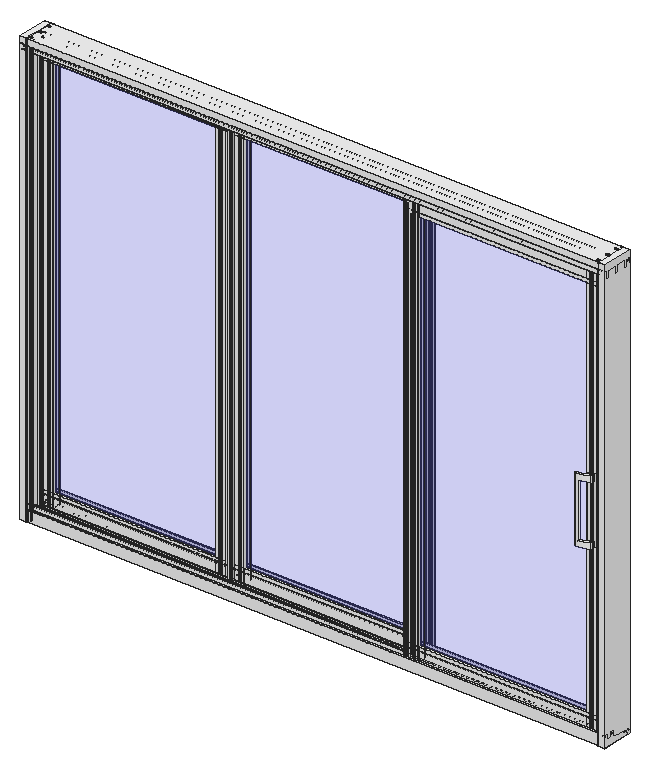
Revit family "Patio-Door_R-550-2-0_3-Light_XOO_5in_Novatech", category Doors, host Wall, Revit 2026
Family settings
  Host = Wall
  Classification Number = 23.30.10.00
  Always vertical = Yes
  Cut with Voids When Loaded = No
  Shared = No
  Room Calculation Point = No
Parameters (values of type "107 3/8"W X 79 1/2"H")
  Width Sash X = Width / 3  # 35.79167"
  Width Sash O = Width / 3  # 35.79167"
  Specification = "https://www.arcat.com/company/novatech-group-51586/spec"
  Product Page URL = "https://www.arcat.com/arcatcos/cos51/arc51586.html"
  Model_Sash to Reference Line = (Width - 2 37/128") / 3  # 35.02865"
  View Handle = yes
  URL = "https://www.groupenovatech.com/en_canada_ontario/products/patio‐doors/550.html"
  Thickness = 5.75039"
  Rough Width = Width + 1/2"  # 107 7/8"
  Rough Height = Height + 1/2"  # 80"
  Panel Material = Glass
  Model = "550"
  Manufacturer = "Novatech"
  Look Handle = yes
  Keynote = "08 32 00"
  Height Sash X = Height - 3 37/64"  # 75 59/64"
  Height Sash O = Height - 3 37/64"  # 75 59/64"
  Hardware Material = Aluminum
  Handle Height = 38"
  Function = Interior
  Height = 79 1/2"
  Wall Closure = By host
  Width = 107 3/8"
  Frame Material = Aluminum
  Define Thermal Properties by = Schematic Type
  Copyright = "ARCAT"
  CAD Details = "https://www.arcat.com/company/novatech-group-51586/cad"
  Analytic Construction = "<None>"
Reference planes (in)
  plane 1 "Center (Front/Back)": y = 0
  plane 2 "Center (Left/Right)": x = 0
  plane 3 "Left": x = -53.6875
  plane 4 "Right": x = 53.6875
  plane 5 "Top": z = 79.5
  plane 6 "Exterior": y = 3
  plane 7 "Interior": y = -3
  plane 8: x = -52.53986
  plane 9: z = 1.6351
  plane 10: z = 77.55697
  plane 11: x = 52.53986
  plane 12: z = 38
  plane 13: x = -17.51122
  plane 14: x = 17.51122
  plane 15 "Panel 1": y = -1.33612
  plane 16 "Panel 2": y = 0.87218
Text (in)
  text "Exterior" at (-104.41165, 27.31104, 0), in view "Ref. Level"
  text "Interior" at (-104.41165, -25.14366, 0), in view "Ref. Level"
  text "Exterior" at (0, 40.15149, 123.01588), in view "Right"
  text "Interior" at (0, -64.39139, 123.01588), in view "Right"
  text "Interior" at (0, -31.01599, 123.00693), in view "Left"
  text "Exterior" at (0, 54.57065, 123.00693), in view "Left"
Dimensions and locks (in)
  "Model_Sash to Reference Line": plane 8 to plane 13
  "Model_Sash to Reference Line": plane 14 to plane 11
  locked: plane 3 "Left" to plane 8 at 1.14764
  locked: plane 11 to plane 4 "Right" at 1.14764
  "Height": plane 5 "Top" to level
  "Handle Height": plane 12 to level
  "Width": plane 3 "Left" to plane 4 "Right"
  equal spacing: plane 3 "Left", plane 2 "Center (Left/Right)", plane 4 "Right"
  "Height Sash O": plane 10 to plane 9
  locked: plane 11 to nested 3 at 1.59505
  locked: plane 11 to nested 2 at 1.59505
  locked: plane 15 "Panel 1" to nested 2 at 0.76968
  locked: nested 3 to plane 15 "Panel 1" at 0.8878
  locked: plane 7 "Interior" to plane 15 "Panel 1" at 1.66388
  locked: plane 7 "Interior" to plane 16 "Panel 2" at 3.87218
  locked: plane 9 to level at 1.6351
  aligned and locked: plane 6 "Exterior" to host wall
  aligned and locked: plane 7 "Interior" to host wall
  aligned and locked: nested 6 to plane 16 "Panel 2"
  aligned and locked: nested 4 to plane 16 "Panel 2"
  aligned and locked: nested 5 to plane 15 "Panel 1"
  aligned and locked: nested 4 to plane 9
  aligned and locked: nested 4 to plane 10
  aligned and locked: nested 6 to plane 9
  aligned and locked: nested 6 to plane 10
  aligned and locked: plane 9 to nested 5
  aligned and locked: nested 5 to plane 10
  aligned and locked: nested 6 to plane 13
  aligned and locked: nested 4 to plane 13
  aligned and locked: plane 14 to nested 6
  aligned and locked: plane 14 to nested 5
  aligned and locked: plane 12 to nested 3
  aligned and locked: plane 12 to nested 2
  aligned and locked: nested 1 to plane 7 "Interior"
  aligned and locked: nested 1 to plane 3 "Left"
  aligned and locked: nested 1 to plane 4 "Right"
Nested families (in)
  nested 1: "NOVATECH_R-550 (2.0)_3 LIGHT_XOO_5in_DOOR FRAME" at (0, 0, 0) x (-1, 0, 0) z (0, 0, 1), type "DOOR FRAME"
    with Height 79 1/2", Width 107 3/8"
  nested 2: "NOVATECH_R-550 (2.0)_3 LIGHT_XOO_5in_LOOK HANDLE" at (50.94481, -2.22392, 32) x (-1, 0, 0) z (0, 0, 1), visible <- "Look Handle", type "LOOK HANDLE"
  nested 3: "NOVATECH_R-550 (2.0)_3 LIGHT_XOO_5in_VIEW HANDLE" at (50.94481, -2.22392, 32) x (-1, 0, 0) z (0, 0, 1), visible <- "View Handle", type "VIEW HANDLE"
  nested 4: "NOVATECH_R-550 (2.0)_3 LIGHT_XOO_5in_SASH_O_RIGHT" at (-35.02554, 1.64369, 1.6351) x (-1, 0, 0) z (0, 0, 1), type "SASH_O_RIGHT"
    with Width 35.02865", Height 75 59/64"
  nested 5: "NOVATECH_R-550 (2.0)_3 LIGHT_XOO_5in_SASH_X" at (35.02554, -0.56644, 1.6351) x (-1, 0, 0) z (0, 0, 1), type "SASH_X"
    with Width 35.02865", Height 75 59/64"
  nested 6: "NOVATECH_R-550 (2.0)_3 LIGHT_XOO_5in_SASH_O_MID" at (0.00311, 1.64188, 1.6351) x (-1, 0, 0) z (0, 0, 1), type "SASH_O_MID"
    with Width 35.02865", Height 75 59/64"
Definition of nested family "NOVATECH_R-550 (2.0)_3 LIGHT_XOO_5in_DOOR FRAME"
  Parameters (values of type "DOOR FRAME")
    Function = (empty or 0)
    Height = 81"
    Wall Closure = (empty or 0)
    Width = 141 7/8"
    Frame Thickness = 5.75039"
    Frame Material = none
    Define Thermal Properties by = 1
    Analytic Construction = "<None>"
  Reference planes (in)
    plane 1 "Center (Front/Back)": y = 0
    plane 2 "Center (Left/Right)": x = 0
    plane 3 "Left": x = -70.9375
    plane 4 "Right": x = 70.9375
    plane 5 "Top": z = 81
    plane 6 "Exterior": y = 4
    plane 7 "Interior": y = -4
    plane 8: y = -1.75039
  Lines and regions (in)
    Opening 1
      outline origin (-90, -4, 0) x (1, 0, 0) y (0, 0, 1)
        loop
          line (19.0625, 0) -> (160.9375, 0) -> (160.9375, 81) -> (19.0625, 81) -> (19.0625, 0)
  Text (in)
    text "Exterior" at (-74.96733, 27.31104, 0), in view "Ref. Level"
    text "Interior" at (-74.96733, -25.14366, 0), in view "Ref. Level"
    text "Exterior" at (0, 40.15149, 123.01588), in view "Right"
    text "Interior" at (0, -64.39139, 123.01588), in view "Right"
    text "Interior" at (0, -31.01599, 123.00693), in view "Left"
    text "Exterior" at (0, 54.57065, 123.00693), in view "Left"
  Dimensions and locks (in)
    equal spacing: plane 3 "Left", plane 2 "Center (Left/Right)", plane 4 "Right"
    "Height": level to plane 5 "Top"
    "Width": plane 3 "Left" to plane 4 "Right"
    "Frame Thickness": plane 6 "Exterior" to plane 8
    aligned and locked: plane 3 "Left" to Opening 1 sketch curve
    aligned and locked: plane 5 "Top" to Opening 1 sketch curve  (x2)
    aligned and locked: Opening 1 sketch curve to plane 4 "Right"
    aligned and locked: Opening 1 sketch curve to level
    aligned and locked: plane 6 "Exterior" to host wall
    aligned and locked: plane 7 "Interior" to host wall
    aligned and locked: nested 1 to plane 3 "Left"
    aligned and locked: plane 4 "Right" to nested 1
    aligned and locked: nested 2 to plane 3 "Left"
    aligned and locked: nested 2 to plane 4 "Right"
    aligned and locked: nested 3 to plane 6 "Exterior"
    aligned and locked: plane 3 "Left" to nested 3
    aligned and locked: nested 4 to plane 4 "Right"
    aligned and locked: nested 4 to plane 8
    aligned and locked: nested 1 to plane 6 "Exterior"
    aligned and locked: nested 1 to plane 5 "Top"
    aligned and locked: level to nested 2
    aligned and locked: plane 8 to nested 2
  Nested families (in)
    nested 1: "HEADER PROFILE" at (-70.9375, -1.56054, 81), type "HEADER PROFILE"
      with Length 141 7/8"
    nested 2: "NOVATECH_650_2 LIGHT_SILL PROFILE" at (70.9375, 3.91668, 0) x (-1, 0, 0) z (0, 0, 1), type "SILL PROFILE"
      with built-in parameter 1001306 11.823 (stored number, unit not read)
    nested 3: "NOVATECH 650_2 LIGHT_DOOR FRAME_LEFT" at (-70.9375, 4, 0) x (0, -1, 0) z (0, 0, 1), type "NOVATECH 650_2 LIGHT_DOOR FRAME_LEFT"
      with Length 81"
    nested 4: "NOVATECH 650_2 LIGHT_DOOR FRAME_RIGHT" at (70.9375, -1.75039, 0) x (0, 1, 0) z (0, 0, 1), type "NOVATECH 650_2 LIGHT_DOOR FRAME_RIGHT"
      with Length 81"
  Definition of nested family "HEADER PROFILE"
    Parameters (values of type "HEADER PROFILE")
      Length [instance] = 12"
      Frame Material = none
      Default Elevation = 0"
    Reference planes (in)
      plane 1 "Center (Front/Back)": y = -0.1877
      plane 2: z = 0
      plane 3 "Center (Left/Right)": x = 0
      plane 4: x = 12
    Forms (in)
      Extrusion 1, solid, material <- "Frame Material"
        sketch origin (0, 0, -4.50465) x (0, 1, 0) y (0, 0, 1)
          loop
            line (5.47841, 3.29129) -> (5.47841, 3.36675)
            arc (5.47841, 3.36675) -> (5.53175, 3.36007) -> (5.56054, 3.40548) r 0.0502
            line (5.56054, 3.40548) -> (5.56054, 4.50465) -> (-0.1877, 4.50465) -> (-0.1877, 2.55546)
            arc (-0.1877, 2.55546) -> (-0.1552, 2.52297) -> (-0.1227, 2.55547) r 0.0325
            line (-0.1227, 2.55547) -> (-0.12276, 3.29129) -> (0.25521, 3.29129) -> (0.25521, 2.84166)
            arc (0.25521, 2.84166) -> (0.26685, 2.81816) -> (0.29261, 2.8132) r 0.02953
            arc (0.29261, 2.8132) -> (0.31836, 2.81816) -> (0.33, 2.84166) r 0.02953
            line (0.33, 2.84166) -> (0.33, 3.29129) -> (0.69423, 3.29129) -> (0.69423, 2.19955)
            arc (0.69423, 2.19955) -> (0.7118, 2.15713) -> (0.75422, 2.13956) r 0.05999
            line (0.75422, 2.13956) -> (0.81522, 2.13956)
            arc (0.81522, 2.13956) -> (0.85764, 2.15713) -> (0.87521, 2.19955) r 0.05999
            line (0.87521, 2.19955) -> (0.87521, 2.25259)
            arc (0.87521, 2.25259) -> (0.84972, 2.26998) -> (0.82422, 2.25259) r 0.02739
            line (0.82422, 2.25259) -> (0.82422, 2.20455) -> (0.77268, 2.20455)
            arc (0.77268, 2.20455) -> (0.75528, 2.2213) -> (0.75922, 2.24512) r 0.02594
            arc (0.75922, 2.24512) -> (0.77544, 2.26759) -> (0.75922, 2.29005) r 0.02367
            line (0.75922, 2.29005) -> (0.75922, 2.33559)
            arc (0.75922, 2.33559) -> (0.77473, 2.35806) -> (0.75922, 2.38052) r 0.02403
            line (0.75922, 2.38052) -> (0.75922, 2.42611)
            arc (0.75922, 2.42611) -> (0.7747, 2.44857) -> (0.75922, 2.47104) r 0.02404
            arc (0.75922, 2.47104) -> (0.75299, 2.49662) -> (0.77468, 2.51157) r 0.02321
            line (0.77468, 2.51157) -> (0.82422, 2.51157) -> (0.82422, 2.46357)
            arc (0.82422, 2.46357) -> (0.84972, 2.44456) -> (0.87521, 2.46357) r 0.0266
            line (0.87521, 2.46357) -> (0.87521, 3.29129) -> (2.68703, 3.29129) -> (2.68703, 2.46238)
            arc (2.68703, 2.46238) -> (2.71103, 2.44596) -> (2.73803, 2.45675) r 0.03088
            line (2.73803, 2.45675) -> (2.73803, 2.49661)
            arc (2.73803, 2.49661) -> (2.76353, 2.51731) -> (2.78902, 2.49661) r 0.02605
            line (2.78902, 2.49661) -> (2.78902, 2.21955)
            arc (2.78902, 2.21955) -> (2.76353, 2.20165) -> (2.73803, 2.21955) r 0.02711
            line (2.73803, 2.21955) -> (2.73803, 2.25254)
            arc (2.73803, 2.25254) -> (2.71253, 2.26976) -> (2.68703, 2.25254) r 0.02749
            line (2.68703, 2.25254) -> (2.68703, 2.19955)
            arc (2.68703, 2.19955) -> (2.70461, 2.15713) -> (2.74703, 2.13956) r 0.05999
            line (2.74703, 2.13956) -> (2.98101, 2.13956)
            arc (2.98101, 2.13956) -> (3.02343, 2.15713) -> (3.041, 2.19955) r 0.05999
            line (3.041, 2.19955) -> (3.041, 2.25254)
            arc (3.041, 2.25254) -> (3.0155, 2.27015) -> (2.99, 2.25254) r 0.02726
            line (2.99, 2.25254) -> (2.99, 2.21955)
            arc (2.99, 2.21955) -> (2.96451, 2.20197) -> (2.93901, 2.21955) r 0.02728
            line (2.93901, 2.21955) -> (2.93901, 2.49661)
            arc (2.93901, 2.49661) -> (2.96451, 2.51514) -> (2.99, 2.49661) r 0.02681
            line (2.99, 2.49661) -> (2.99, 2.46362)
            arc (2.99, 2.46362) -> (3.0155, 2.44518) -> (3.041, 2.46362) r 0.02685
            line (3.041, 2.46362) -> (3.041, 3.29129) -> (4.85282, 3.29129) -> (4.85282, 2.60608) -> (4.85282, 2.46358)
            arc (4.85282, 2.46358) -> (4.87832, 2.44433) -> (4.90382, 2.46358) r 0.02651
            line (4.90382, 2.46358) -> (4.90382, 2.49665)
            arc (4.90382, 2.49665) -> (4.92931, 2.51514) -> (4.95481, 2.49665) r 0.02682
            line (4.95481, 2.49665) -> (4.95481, 2.21951)
            arc (4.95481, 2.21951) -> (4.92931, 2.20154) -> (4.90382, 2.21951) r 0.02707
            line (4.90382, 2.21951) -> (4.90382, 2.25258)
            arc (4.90382, 2.25258) -> (4.87832, 2.2698) -> (4.85282, 2.25258) r 0.02749
            line (4.85282, 2.25258) -> (4.85282, 2.1994)
            arc (4.85282, 2.1994) -> (4.87035, 2.15709) -> (4.91266, 2.13956) r 0.05984
            line (4.91266, 2.13956) -> (5.09278, 2.13956)
            arc (5.09278, 2.13956) -> (5.12107, 2.15127) -> (5.13278, 2.17956) r 0.04
            line (5.13278, 2.17956) -> (5.13279, 3.29129) -> (5.47841, 3.29129)
        from 0 to 12
    Dimensions and locks (in)
      "Length": plane 3 "Center (Left/Right)" to plane 4
      aligned and locked: plane 2 to level
      aligned and locked: Extrusion 1 to plane 4
      aligned and locked: Extrusion 1 to plane 3 "Center (Left/Right)"
    Automatic sketch dimensions
      Extrusion 1 sketch curve to level = 2.36509"  (x5)
      level to Extrusion 1 sketch curve = 0"
      Extrusion 1 sketch curve to Extrusion 1 sketch curve = 0.0325"  (x2)
      Extrusion 1 sketch curve to level = 1.21336"  (x2)
      Extrusion 1 sketch curve to Extrusion 1 sketch curve = 0.03244"
      Extrusion 1 sketch curve to level = 1.94918"
      Extrusion 1 sketch curve to Extrusion 1 sketch curve = 0.37797"
      Extrusion 1 sketch curve to level = 1.66299"  (x2)
      Extrusion 1 sketch curve to Extrusion 1 sketch curve = 0"  (x13)
      Extrusion 1 sketch curve to Extrusion 1 sketch curve = 0.02953"  (x2)
      Extrusion 1 sketch curve to Extrusion 1 sketch curve = 0.01574"
      Extrusion 1 sketch curve to Extrusion 1 sketch curve = 0.0748"
      Extrusion 1 sketch curve to Extrusion 1 sketch curve = 0.36423"
      Extrusion 1 sketch curve to Extrusion 1 sketch curve = 0.05643"
      Extrusion 1 sketch curve to Extrusion 1 sketch curve = 0.00004"
      Extrusion 1 sketch curve to Extrusion 1 sketch curve = 0.05754"
      Extrusion 1 sketch curve to Extrusion 1 sketch curve = 0.05999"
      Extrusion 1 sketch curve to Extrusion 1 sketch curve = 0.00745"
      Extrusion 1 sketch curve to Extrusion 1 sketch curve = 0.00852"
      Extrusion 1 sketch curve to Extrusion 1 sketch curve = 0.01845"
      Extrusion 1 sketch curve to Extrusion 1 sketch curve = 0.02402"
      Extrusion 1 sketch curve to Extrusion 1 sketch curve = 0.00722"
      Extrusion 1 sketch curve to Extrusion 1 sketch curve = 0.04254"
      Extrusion 1 sketch curve to Extrusion 1 sketch curve = 0.04954"
      Extrusion 1 sketch curve to Extrusion 1 sketch curve = 0.009"  (x3)
      Extrusion 1 sketch curve to Extrusion 1 sketch curve = 0.0255"  (x24)
      Extrusion 1 sketch curve to Extrusion 1 sketch curve = 1.81182"  (x2)
      Extrusion 1 sketch curve to level = 2.3051"
      Extrusion 1 sketch curve to Extrusion 1 sketch curve = 0.02738"
      Extrusion 1 sketch curve to Extrusion 1 sketch curve = 0.02361"
      Extrusion 1 sketch curve to level = 2.00804"
      Extrusion 1 sketch curve to level = 2.2851"
      Extrusion 1 sketch curve to Extrusion 1 sketch curve = 0.14999"
      Extrusion 1 sketch curve to Extrusion 1 sketch curve = 0.0165"
      Extrusion 1 sketch curve to Extrusion 1 sketch curve = 0.35397"
      Extrusion 1 sketch curve to level = 2.04107"
      Extrusion 1 sketch curve to level = 2.25207"
      Extrusion 1 sketch curve to Extrusion 1 sketch curve = 0.00885"  (x2)
      Extrusion 1 sketch curve to level = 2.008"
      Extrusion 1 sketch curve to level = 2 73/256"
      Extrusion 1 sketch curve to Extrusion 1 sketch curve = 0.13797"
      Extrusion 1 sketch curve to level = 2.32509"
      Extrusion 1 sketch curve to Extrusion 1 sketch curve = 0.04"
      Extrusion 1 sketch curve to Extrusion 1 sketch curve = 0.27997"
      Extrusion 1 sketch curve to Extrusion 1 sketch curve = 0.34562"
      Extrusion 1 sketch curve to Extrusion 1 sketch curve = 0.03193"
      Extrusion 1 sketch curve to Extrusion 1 sketch curve = 0.0502"
      Extrusion 1 sketch curve to Extrusion 1 sketch curve = 0.005"
      Extrusion 1 sketch curve to Extrusion 1 sketch curve = 0.02"
      Extrusion 1 sketch curve to Extrusion 1 sketch curve = 0.0091"
      Extrusion 1 sketch curve to Extrusion 1 sketch curve = 0.0092"
      Extrusion 1 sketch curve to Extrusion 1 sketch curve = 0.00969"
      Extrusion 1 sketch curve to Extrusion 1 sketch curve = 0.02491"
      Extrusion 1 sketch curve to Extrusion 1 sketch curve = 0.02272"
      Extrusion 1 sketch curve to Extrusion 1 sketch curve = 0.01026"
      Extrusion 1 sketch curve to Extrusion 1 sketch curve = 0.03804"
      Extrusion 1 sketch curve to Extrusion 1 sketch curve = 0.02334"
      Extrusion 1 sketch curve to Extrusion 1 sketch curve = 0.01027"
      Extrusion 1 sketch curve to Extrusion 1 sketch curve = 0.00965"
      Extrusion 1 sketch curve to Extrusion 1 sketch curve = 0.01"
      Extrusion 1 sketch curve to Extrusion 1 sketch curve = 0.03813"
      Extrusion 1 sketch curve to Extrusion 1 sketch curve = 0.02246"  (x3)
      Extrusion 1 sketch curve to Extrusion 1 sketch curve = 0.04554"
      Extrusion 1 sketch curve to Extrusion 1 sketch curve = 0.04558"
      Extrusion 1 sketch curve to Extrusion 1 sketch curve = 0.03986"
      Extrusion 1 sketch curve to Extrusion 1 sketch curve = 0.00563"
      Extrusion 1 sketch curve to Extrusion 1 sketch curve = 0.03746"
      Extrusion 1 sketch curve to Extrusion 1 sketch curve = 0.21108"
      Extrusion 1 sketch curve to Extrusion 1 sketch curve = 0.00726"
      Extrusion 1 sketch curve to Extrusion 1 sketch curve = 0.00759"
      Extrusion 1 sketch curve to Extrusion 1 sketch curve = 0.0084"
      Extrusion 1 sketch curve to Extrusion 1 sketch curve = 0.00833"
      Extrusion 1 sketch curve to Extrusion 1 sketch curve = 0.02471"
      Extrusion 1 sketch curve to Extrusion 1 sketch curve = 0.03978"
      Extrusion 1 sketch curve to Extrusion 1 sketch curve = 0.00535"
      Extrusion 1 sketch curve to Extrusion 1 sketch curve = 0.00828"
      Extrusion 1 sketch curve to Extrusion 1 sketch curve = 0.0404"
      Extrusion 1 sketch curve to Extrusion 1 sketch curve = 0.10943"
      Extrusion 1 sketch curve to Extrusion 1 sketch curve = 0.79468"
      Extrusion 1 sketch curve to Extrusion 1 sketch curve = 0.68521"
      Extrusion 1 sketch curve to Extrusion 1 sketch curve = 0.07546"
      Extrusion 1 sketch curve to plane 1 "Center (Front/Back)" = 0"
  Definition of nested family "NOVATECH_650_2 LIGHT_SILL PROFILE"
    Parameters (values of type "SILL PROFILE")
      built-in parameter 1001306 [instance] = 54"
      Frame Material = none
      Default Elevation = 0"
    Reference planes (in)
      plane 1 "Center (Front/Back)": y = 0
      plane 2: z = 0
      plane 3 "Left": x = 0
      plane 4 "Right": x = 54
    Forms (in)
      Extrusion 1, solid, material <- "Frame Material"
        sketch origin (0, 0, 0) x (0, 1, 0) y (0, 0, 1)
          loop
            line (-0.0315, 2.01964) -> (-0.3985, 2.01964)
            arc (-0.3985, 2.01964) -> (-0.42078, 2.01041) -> (-0.43, 1.98814) r 0.0315
            line (-0.43, 1.98814) -> (-0.43, 1.24798)
            arc (-0.43, 1.24798) -> (-0.43577, 1.23406) -> (-0.44969, 1.22829) r 0.01969
            line (-0.44969, 1.22829) -> (-0.53401, 1.22829) -> (-1.18851, 1.2049)
            arc (-1.18851, 1.2049) -> (-1.20288, 1.21041) -> (-1.2089, 1.22458) r 0.01969
            line (-1.2089, 1.22458) -> (-1.2089, 2.04394) -> (-1.28389, 2.04394) -> (-1.28389, 1.93761) -> (-1.45231, 1.93761)
            arc (-1.45231, 1.93761) -> (-1.47319, 1.92896) -> (-1.48184, 1.90808) r 0.02953
            line (-1.48184, 1.90808) -> (-1.48184, 1.8555) -> (-1.42464, 1.88924) -> (-1.42464, 1.76041)
            arc (-1.42464, 1.76041) -> (-1.4304, 1.74649) -> (-1.44432, 1.74072) r 0.01969
            line (-1.44432, 1.74072) -> (-1.52383, 1.74072) -> (-1.60334, 1.74072)
            arc (-1.60334, 1.74072) -> (-1.61726, 1.74649) -> (-1.62303, 1.76041) r 0.01969
            line (-1.62303, 1.76041) -> (-1.62303, 1.88924) -> (-1.56583, 1.8555) -> (-1.56583, 1.90808)
            arc (-1.56583, 1.90808) -> (-1.57447, 1.92896) -> (-1.59535, 1.93761) r 0.02953
            line (-1.59535, 1.93761) -> (-1.76377, 1.93761) -> (-1.76377, 2.04394) -> (-1.83876, 2.04394) -> (-1.83876, 1.48427)
            arc (-1.83876, 1.48427) -> (-1.83136, 1.46889) -> (-1.81472, 1.46507) r 0.01969
            line (-1.81472, 1.46507) -> (-1.74444, 1.48102)
            arc (-1.74444, 1.48102) -> (-1.7278, 1.47721) -> (-1.7204, 1.46183) r 0.01969
            line (-1.7204, 1.46183) -> (-1.7204, 1.18628) -> (-3.3976, 0.93481) -> (-3.3976, 0.87524)
            arc (-3.3976, 0.87524) -> (-3.39094, 0.86049) -> (-3.37547, 0.85571) r 0.01969
            line (-3.37547, 0.85571) -> (-3.34098, 0.86002)
            arc (-3.34098, 0.86002) -> (-3.32551, 0.85524) -> (-3.31886, 0.84049) r 0.01969
            line (-3.31886, 0.84049) -> (-3.31886, 0.77725)
            arc (-3.31886, 0.77725) -> (-3.32462, 0.76333) -> (-3.33854, 0.75756) r 0.01969
            line (-3.33854, 0.75756) -> (-3.49884, 0.75756)
            arc (-3.49884, 0.75756) -> (-3.51276, 0.76333) -> (-3.51852, 0.77726) r 0.01969
            line (-3.51852, 0.77726) -> (-3.51848, 0.89401)
            arc (-3.51848, 0.89401) -> (-3.52532, 0.90893) -> (-3.54109, 0.91348) r 0.01969
            line (-3.54109, 0.91348) -> (-4.14981, 0.82194)
            arc (-4.14981, 0.82194) -> (-4.16864, 0.81101) -> (-4.17588, 0.79048) r 0.03151
            arc (-4.17588, 0.79048) -> (-4.1692, 0.77568) -> (-4.15368, 0.77092) r 0.01971
            line (-4.15368, 0.77092) -> (-4.1193, 0.77531)
            arc (-4.1193, 0.77531) -> (-4.1038, 0.77056) -> (-4.09713, 0.75579) r 0.01969
            line (-4.09713, 0.75579) -> (-4.09713, 0.64717) -> (-4.51942, 0.64717) -> (-5.09032, 0.54995) -> (-5.09032, 0.37078)
            arc (-5.09032, 0.37078) -> (-5.09609, 0.35686) -> (-5.11001, 0.3511) r 0.01969
            line (-5.11001, 0.3511) -> (-5.21777, 0.3511) -> (-5.21777, 0.43301)
            arc (-5.21777, 0.43301) -> (-5.21008, 0.44862) -> (-5.19268, 0.45336) r 0.01969
            arc (-5.19268, 0.45336) -> (-5.17199, 0.46041) -> (-5.17057, 0.48222) r 0.01969
            line (-5.17057, 0.48222) -> (-5.19892, 0.53133) -> (-5.25984, 0.52091)
            arc (-5.25984, 0.52091) -> (-5.2833, 0.50749) -> (-5.29257, 0.4821) r 0.03937
            line (-5.29257, 0.4821) -> (-5.29257, 0.01969)
            arc (-5.29257, 0.01969) -> (-5.28681, 0.00577) -> (-5.27289, 0) r 0.01969
            line (-5.27289, 0) -> (0, 0) -> (0, 1.98814)
            arc (0, 1.98814) -> (-0.00922, 2.01041) -> (-0.0315, 2.01964) r 0.0315
          loop
            line (-1.3034, 1.97702) -> (-1.3034, 2.04394) -> (-1.42934, 2.04394) -> (-1.42934, 2.1046)
            arc (-1.42934, 2.1046) -> (-1.52383, 2.19912) -> (-1.61835, 2.10464) r 0.09451
            line (-1.61835, 2.10464) -> (-1.61837, 2.04394) -> (-1.7443, 2.04394) -> (-1.7443, 1.97702) -> (-1.5573, 1.97702) -> (-1.5573, 1.83834) -> (-1.58831, 1.83834) -> (-1.55095, 1.77508)
            arc (-1.55095, 1.77508) -> (-1.52382, 1.7596) -> (-1.4967, 1.7751) r 0.0315
            line (-1.4967, 1.7751) -> (-1.4594, 1.83834) -> (-1.49041, 1.83834) -> (-1.49041, 1.97702) -> (-1.3034, 1.97702)
          loop
            line (-5.30039, 0.01181) -> (-5.30039, 0.09008)
            arc (-5.30039, 0.09008) -> (-5.32598, 0.11568) -> (-5.35158, 0.09008) r 0.0256
            arc (-5.35158, 0.09008) -> (-5.3603, 0.07333) -> (-5.37902, 0.07086) r 0.02045
            line (-5.37902, 0.07086) -> (-5.45185, 0.07086) -> (-5.55813, 0.13258)
            arc (-5.55813, 0.13258) -> (-5.58236, 0.1411) -> (-5.60802, 0.14017) r 0.0689
            line (-5.60802, 0.14017) -> (-5.60802, 0.25595)
            arc (-5.60802, 0.25595) -> (-5.49766, 0.29546) -> (-5.42416, 0.38678) r 0.21608
            line (-5.42416, 0.38678) -> (-5.41236, 0.50797) -> (-5.18692, 0.54595)
            arc (-5.18692, 0.54595) -> (-5.16761, 0.53745) -> (-5.16159, 0.51723) r 0.02512
            line (-5.16159, 0.51723) -> (-5.16159, 0.43951) -> (-5.20605, 0.42845) -> (-5.16128, 0.37879)
            arc (-5.16128, 0.37879) -> (-5.12616, 0.37038) -> (-5.10571, 0.40014) r 0.03189
            line (-5.10571, 0.40014) -> (-5.10571, 0.55578) -> (-4.12322, 0.72113)
            arc (-4.12322, 0.72113) -> (-4.11499, 0.74127) -> (-4.1219, 0.76189) r 0.03124
            line (-4.1219, 0.76189) -> (-4.55051, 0.68941)
            arc (-4.55051, 0.68941) -> (-4.57053, 0.69771) -> (-4.57883, 0.71774) r 0.02832
            line (-4.57883, 0.71774) -> (-4.57883, 0.77014)
            arc (-4.57883, 0.77014) -> (-4.57077, 0.78959) -> (-4.55131, 0.79765) r 0.02752
            arc (-4.55131, 0.79765) -> (-4.53356, 0.82503) -> (-4.55312, 0.85114) r 0.02851
            line (-4.55312, 0.85114) -> (-4.61247, 0.85114)
            arc (-4.61247, 0.85114) -> (-4.62636, 0.84539) -> (-4.63211, 0.8315) r 0.01964
            line (-4.63211, 0.8315) -> (-4.63211, 0.68772) -> (-5.15723, 0.59916) -> (-5.15723, 0.84113)
            arc (-5.15723, 0.84113) -> (-5.18676, 0.87066) -> (-5.21629, 0.84113) r 0.02953
            line (-5.21629, 0.84113) -> (-5.21629, 0.5892) -> (-5.66655, 0.51327) -> (-5.66667, 0.46347)
            arc (-5.66667, 0.46347) -> (-5.62472, 0.40897) -> (-5.56143, 0.4359) r 0.05619
            arc (-5.56143, 0.4359) -> (-5.50277, 0.45232) -> (-5.48662, 0.39358) r 0.04298
            arc (-5.48662, 0.39358) -> (-5.55375, 0.33056) -> (-5.64467, 0.316) r 0.15703
            arc (-5.64467, 0.316) -> (-5.66029, 0.31137) -> (-5.66707, 0.29655) r 0.01969
            line (-5.66707, 0.29655) -> (-5.66707, 0.05364) -> (-5.60263, 0.03477) -> (-5.60263, 0.09012) -> (-5.53227, 0.04927) -> (-5.53227, 0.01181) -> (-5.30039, 0.01181)
        from 0 to 54
    Lines and regions (in)
      reference lines
        curve 1: line (0, 0, 0) -> (54, 0, 0)
    Dimensions and locks (in)
      "built-in parameter 1001306": plane 3 "Left" to plane 4 "Right"
      aligned and locked: plane 4 "Right" to curve 1
      aligned and locked: plane 1 "Center (Front/Back)" to curve 1
      aligned and locked: plane 3 "Left" to curve 1
      aligned and locked: level to plane 2
      aligned and locked: Extrusion 1 to curve 1
      aligned and locked: Extrusion 1 to plane 3 "Left"
    Automatic sketch dimensions
      Extrusion 1 sketch curve to Extrusion 1 sketch curve = 0"  (x15)
      level to Extrusion 1 sketch curve = 0.05364"
      plane 1 "Center (Front/Back)" to Extrusion 1 sketch curve = 5.66707"
      level to Extrusion 1 sketch curve = 0.46347"
      Extrusion 1 sketch curve to Extrusion 1 sketch curve = 0.00041"
      level to Extrusion 1 sketch curve = 0.51327"
      Extrusion 1 sketch curve to Extrusion 1 sketch curve = 0.00012"
      Extrusion 1 sketch curve to Extrusion 1 sketch curve = 0.01968"
      Extrusion 1 sketch curve to Extrusion 1 sketch curve = 0.04373"
      Extrusion 1 sketch curve to Extrusion 1 sketch curve = 0.01246"
      Extrusion 1 sketch curve to Extrusion 1 sketch curve = 0.05906"
      Extrusion 1 sketch curve to Extrusion 1 sketch curve = 0.00539"
      Extrusion 1 sketch curve to Extrusion 1 sketch curve = 0.0099"
      level to Extrusion 1 sketch curve = 0.13258"
      Extrusion 1 sketch curve to Extrusion 1 sketch curve = 0.04989"
      level to Extrusion 1 sketch curve = 0.04927"
      Extrusion 1 sketch curve to Extrusion 1 sketch curve = 0.06046"
      Extrusion 1 sketch curve to Extrusion 1 sketch curve = 0.08655"
      level to Extrusion 1 sketch curve = 0.07086"
      Extrusion 1 sketch curve to Extrusion 1 sketch curve = 0.08042"
      level to Extrusion 1 sketch curve = 0.38678"
      Extrusion 1 sketch curve to Extrusion 1 sketch curve = 0.09976"
      level to Extrusion 1 sketch curve = 0.50797"
      Extrusion 1 sketch curve to Extrusion 1 sketch curve = 0.0118"
      Extrusion 1 sketch curve to Extrusion 1 sketch curve = 0.07282"
      Extrusion 1 sketch curve to Extrusion 1 sketch curve = 0.00699"
      Extrusion 1 sketch curve to Extrusion 1 sketch curve = 0.04604"
      Extrusion 1 sketch curve to Extrusion 1 sketch curve = 0.0256"
      Extrusion 1 sketch curve to Extrusion 1 sketch curve = 1/128"
      Extrusion 1 sketch curve to Extrusion 1 sketch curve = 0.01969"  (x12)
      level to Extrusion 1 sketch curve = 0.52091"
      Extrusion 1 sketch curve to Extrusion 1 sketch curve = 0.03273"
      Extrusion 1 sketch curve to Extrusion 1 sketch curve = 0.00664"
      Extrusion 1 sketch curve to Extrusion 1 sketch curve = 0.03544"
      Extrusion 1 sketch curve to Extrusion 1 sketch curve = 0.04355"
      level to Extrusion 1 sketch curve = 0.42845"
      Extrusion 1 sketch curve to Extrusion 1 sketch curve = 0.04715"
      level to Extrusion 1 sketch curve = 0.53133"
      Extrusion 1 sketch curve to Extrusion 1 sketch curve = 0.01737"
      Extrusion 1 sketch curve to Extrusion 1 sketch curve = 0.00797"
      Extrusion 1 sketch curve to Extrusion 1 sketch curve = 0.01047"
      level to Extrusion 1 sketch curve = 0.54595"
      Extrusion 1 sketch curve to Extrusion 1 sketch curve = 0.01199"
      Extrusion 1 sketch curve to Extrusion 1 sketch curve = 0.02953"  (x2)
      Extrusion 1 sketch curve to Extrusion 1 sketch curve = 0.01247"
      level to Extrusion 1 sketch curve = 0.48222"
      Extrusion 1 sketch curve to Extrusion 1 sketch curve = 0.01705"
      Extrusion 1 sketch curve to Extrusion 1 sketch curve = 0.03649"
      level to Extrusion 1 sketch curve = 0.37879"
      Extrusion 1 sketch curve to Extrusion 1 sketch curve = 0.00031"
      Extrusion 1 sketch curve to Extrusion 1 sketch curve = 0.02369"
      Extrusion 1 sketch curve to Extrusion 1 sketch curve = 0.02759"
      level to Extrusion 1 sketch curve = 0.55578"
      Extrusion 1 sketch curve to Extrusion 1 sketch curve = 0.05152"
      Extrusion 1 sketch curve to Extrusion 1 sketch curve = 0.01539"
      Extrusion 1 sketch curve to Extrusion 1 sketch curve = 0.52512"
      Extrusion 1 sketch curve to Extrusion 1 sketch curve = 0.01964"  (x2)
      Extrusion 1 sketch curve to Extrusion 1 sketch curve = 0.03364"
      Extrusion 1 sketch curve to Extrusion 1 sketch curve = 0.05041"
      Extrusion 1 sketch curve to Extrusion 1 sketch curve = 0.00894"
      Extrusion 1 sketch curve to Extrusion 1 sketch curve = 0.02752"
      level to Extrusion 1 sketch curve = 0.68941"
      Extrusion 1 sketch curve to Extrusion 1 sketch curve = 0.02832"
      Extrusion 1 sketch curve to Extrusion 1 sketch curve = 0.03108"
      Extrusion 1 sketch curve to Extrusion 1 sketch curve = 0.36325"
      level to Extrusion 1 sketch curve = 0.77092"
      Extrusion 1 sketch curve to Extrusion 1 sketch curve = 0.0025"
      Extrusion 1 sketch curve to Extrusion 1 sketch curve = 0.00746"
      Extrusion 1 sketch curve to Extrusion 1 sketch curve = 0.01179"
      level to Extrusion 1 sketch curve = 0.72113"
      Extrusion 1 sketch curve to Extrusion 1 sketch curve = 0.023"
      level to Extrusion 1 sketch curve = 0.76189"
      Extrusion 1 sketch curve to Extrusion 1 sketch curve = 0.02432"
      level to Extrusion 1 sketch curve = 0.77531"
      Extrusion 1 sketch curve to Extrusion 1 sketch curve = 0.0026"
      Extrusion 1 sketch curve to Extrusion 1 sketch curve = 0.00509"
      Extrusion 1 sketch curve to Extrusion 1 sketch curve = 0.55604"
      Extrusion 1 sketch curve to Extrusion 1 sketch curve = 0.00292"
      level to Extrusion 1 sketch curve = 0.89401"
      Extrusion 1 sketch curve to Extrusion 1 sketch curve = 0.12088"
      Extrusion 1 sketch curve to Extrusion 1 sketch curve = 0.00244"  (x3)
      Extrusion 1 sketch curve to Extrusion 1 sketch curve = 0.03449"
      Extrusion 1 sketch curve to Extrusion 1 sketch curve = 1.4801"
      Extrusion 1 sketch curve to Extrusion 1 sketch curve = 0.00436"  (x2)
      Extrusion 1 sketch curve to Extrusion 1 sketch curve = 0.07499"  (x2)
      Extrusion 1 sketch curve to Extrusion 1 sketch curve = 0.07028"
      Extrusion 1 sketch curve to Extrusion 1 sketch curve = 0.01946"
      Extrusion 1 sketch curve to Extrusion 1 sketch curve = 0.14074"
      Extrusion 1 sketch curve to Extrusion 1 sketch curve = 0.12593"
      Extrusion 1 sketch curve to Extrusion 1 sketch curve = 0.02767"  (x2)
      Extrusion 1 sketch curve to Extrusion 1 sketch curve = 0.03472"
      Extrusion 1 sketch curve to Extrusion 1 sketch curve = 0.02248"
      Extrusion 1 sketch curve to Extrusion 1 sketch curve = 0.00853"
      Extrusion 1 sketch curve to Extrusion 1 sketch curve = 0.09451"
      Extrusion 1 sketch curve to Extrusion 1 sketch curve = 0.07951"
      Extrusion 1 sketch curve to Extrusion 1 sketch curve = 0.02713"
      Extrusion 1 sketch curve to Extrusion 1 sketch curve = 0.06688"
      Extrusion 1 sketch curve to Extrusion 1 sketch curve = 0.00858"
      Extrusion 1 sketch curve to Extrusion 1 sketch curve = 0.02244"
      Extrusion 1 sketch curve to Extrusion 1 sketch curve = 0.05238"
      Extrusion 1 sketch curve to Extrusion 1 sketch curve = 0.06107"
      Extrusion 1 sketch curve to Extrusion 1 sketch curve = 0.12594"
      Extrusion 1 sketch curve to Extrusion 1 sketch curve = 0.01951"
      Extrusion 1 sketch curve to Extrusion 1 sketch curve = 0.0007"
      Extrusion 1 sketch curve to Extrusion 1 sketch curve = 0.6545"
      Extrusion 1 sketch curve to Extrusion 1 sketch curve = 0.08433"
      Extrusion 1 sketch curve to Extrusion 1 sketch curve = 0.0315"
      Extrusion 1 sketch curve to Extrusion 1 sketch curve = 0.36701"
      Extrusion 1 sketch curve to Extrusion 1 sketch curve = 0.44969"
      Extrusion 1 sketch curve to Extrusion 1 sketch curve = 0.01887"
      Extrusion 1 sketch curve to Extrusion 1 sketch curve = 0.05118"
      Extrusion 1 sketch curve to Extrusion 1 sketch curve = 0.00788"
      Extrusion 1 sketch curve to Extrusion 1 sketch curve = 0.03822"
      Extrusion 1 sketch curve to Extrusion 1 sketch curve = 0.01921"
      Extrusion 1 sketch curve to Extrusion 1 sketch curve = 0.01713"
      Extrusion 1 sketch curve to Extrusion 1 sketch curve = 0.11578"
      Extrusion 1 sketch curve to Extrusion 1 sketch curve = 0.04055"
      Extrusion 1 sketch curve to Extrusion 1 sketch curve = 0.00005"  (x2)
      Extrusion 1 sketch curve to Extrusion 1 sketch curve = 0.02769"
      Extrusion 1 sketch curve to Extrusion 1 sketch curve = 0.02813"
      Extrusion 1 sketch curve to Extrusion 1 sketch curve = 0.00456"
      Extrusion 1 sketch curve to Extrusion 1 sketch curve = 0.0065"
      Extrusion 1 sketch curve to Extrusion 1 sketch curve = 0.00819"
      Extrusion 1 sketch curve to Extrusion 1 sketch curve = 0.00984"
      Extrusion 1 sketch curve to Extrusion 1 sketch curve = 0.03501"
      Extrusion 1 sketch curve to Extrusion 1 sketch curve = 0.00583"
      Extrusion 1 sketch curve to Extrusion 1 sketch curve = 0.04325"
      Extrusion 1 sketch curve to Extrusion 1 sketch curve = 0.00996"
      Extrusion 1 sketch curve to Extrusion 1 sketch curve = 0.04224"
      Extrusion 1 sketch curve to Extrusion 1 sketch curve = 0.03002"
      Extrusion 1 sketch curve to Extrusion 1 sketch curve = 0.13645"
      Extrusion 1 sketch curve to Extrusion 1 sketch curve = 0.0524"
      Extrusion 1 sketch curve to Extrusion 1 sketch curve = 0.01955"
      Extrusion 1 sketch curve to Extrusion 1 sketch curve = 0.00043"
      Extrusion 1 sketch curve to Extrusion 1 sketch curve = 0.02641"
      Extrusion 1 sketch curve to Extrusion 1 sketch curve = 0.06324"  (x2)
      Extrusion 1 sketch curve to Extrusion 1 sketch curve = 0.24197"
      Extrusion 1 sketch curve to Extrusion 1 sketch curve = 0.00431"
      Extrusion 1 sketch curve to Extrusion 1 sketch curve = 0.05957"
      Extrusion 1 sketch curve to Extrusion 1 sketch curve = 0.34579"
      Extrusion 1 sketch curve to Extrusion 1 sketch curve = 0.01862"
      Extrusion 1 sketch curve to Extrusion 1 sketch curve = 0.02339"
      Extrusion 1 sketch curve to Extrusion 1 sketch curve = 0.27555"
      Extrusion 1 sketch curve to Extrusion 1 sketch curve = 0.01595"
      Extrusion 1 sketch curve to Extrusion 1 sketch curve = 0.2789"
      Extrusion 1 sketch curve to Extrusion 1 sketch curve = 0.03437"
      Extrusion 1 sketch curve to Extrusion 1 sketch curve = 0.016"
      Extrusion 1 sketch curve to Extrusion 1 sketch curve = 0.04724"
      Extrusion 1 sketch curve to Extrusion 1 sketch curve = 0.01716"  (x2)
      Extrusion 1 sketch curve to Extrusion 1 sketch curve = 0.0509"  (x2)
      Extrusion 1 sketch curve to Extrusion 1 sketch curve = 0.05258"
      Extrusion 1 sketch curve to Extrusion 1 sketch curve = 0.01884"
      Extrusion 1 sketch curve to Extrusion 1 sketch curve = 0.03941"  (x2)
      Extrusion 1 sketch curve to Extrusion 1 sketch curve = 0.74016"
      Extrusion 1 sketch curve to Extrusion 1 sketch curve = 0.06693"  (x2)
      Extrusion 1 sketch curve to Extrusion 1 sketch curve = 0.06066"
      level to Extrusion 1 sketch curve = 0.43301"
      Extrusion 1 sketch curve to Extrusion 1 sketch curve = 3/256"
      Extrusion 1 sketch curve to Extrusion 1 sketch curve = 0.00506"
      Extrusion 1 sketch curve to Extrusion 1 sketch curve = 0.00035"
      Extrusion 1 sketch curve to Extrusion 1 sketch curve = 0.00544"
      level to Extrusion 1 sketch curve = 0.82203"
      Extrusion 1 sketch curve to Extrusion 1 sketch curve = 0.02716"
  Definition of nested family "NOVATECH 650_2 LIGHT_DOOR FRAME_LEFT"
    Parameters (values of type "NOVATECH 650_2 LIGHT_DOOR FRAME_LEFT")
      Length = 95 1/2"
      Frame Material = none
      Default Elevation = 0"
    Reference planes (in)
      plane 1 "Center (Front/Back)": y = 0
      plane 2: z = 0
      plane 3 "Center (Left/Right)": x = 0
      plane 4: z = 95.5
    Forms (in)
      Extrusion 1, solid, material <- "Frame Material"
        sketch origin (0, 0, 0) x (1, 0, 0) y (0, 1, 0)
          loop
            line (5.74823, 0) -> (0, 0) -> (0, -1.16928)
            arc (0, -1.16928) -> (0.0147, -1.20478) -> (0.0502, -1.21948) r 0.0502
            line (0.0502, -1.21948) -> (0.08212, -1.21948) -> (0.08212, -1.29289)
            arc (0.08212, -1.29289) -> (0.08789, -1.30681) -> (0.10181, -1.31257) r 0.01969
            line (0.10181, -1.31257) -> (0.51296, -1.31257)
            arc (0.51296, -1.31257) -> (0.52688, -1.31834) -> (0.53264, -1.33226) r 0.01969
            line (0.53264, -1.33226) -> (0.53264, -1.81177)
            arc (0.53264, -1.81177) -> (0.55017, -1.85408) -> (0.59249, -1.87161) r 0.05984
            line (0.59249, -1.87161) -> (0.65378, -1.87161)
            arc (0.65378, -1.87161) -> (0.6961, -1.85408) -> (0.71363, -1.81177) r 0.05984
            line (0.71363, -1.81177) -> (0.71363, -1.75854)
            arc (0.71363, -1.75854) -> (0.68813, -1.74046) -> (0.66263, -1.75854) r 0.02702
            line (0.66263, -1.75854) -> (0.66263, -1.80662) -> (0.6126, -1.80662)
            arc (0.6126, -1.80662) -> (0.59098, -1.79171) -> (0.59723, -1.7662) r 0.02313
            arc (0.59723, -1.7662) -> (0.61283, -1.7438) -> (0.59764, -1.72111) r 0.02421
            line (0.59764, -1.72111) -> (0.59764, -1.67509)
            arc (0.59764, -1.67509) -> (0.61354, -1.65287) -> (0.59764, -1.63065) r 0.02348
            line (0.59764, -1.63065) -> (0.59764, -1.58506)
            arc (0.59764, -1.58506) -> (0.61261, -1.5626) -> (0.59764, -1.54013) r 0.02434
            arc (0.59764, -1.54013) -> (0.59258, -1.51424) -> (0.61453, -1.4996) r 0.02379
            line (0.61453, -1.4996) -> (0.66263, -1.4996) -> (0.66263, -1.54764)
            arc (0.66263, -1.54764) -> (0.68813, -1.56557) -> (0.71363, -1.54764) r 0.02709
            line (0.71363, -1.54764) -> (0.71363, -1.14764) -> (2.52553, -1.14764) -> (2.52553, -1.54755)
            arc (2.52553, -1.54755) -> (2.55103, -1.56652) -> (2.57652, -1.54755) r 0.02662
            line (2.57652, -1.54755) -> (2.57652, -1.51456)
            arc (2.57652, -1.51456) -> (2.60202, -1.49629) -> (2.62752, -1.51456) r 0.02693
            line (2.62752, -1.51456) -> (2.62752, -1.79162)
            arc (2.62752, -1.79162) -> (2.60202, -1.80869) -> (2.57652, -1.79162) r 0.02757
            line (2.57652, -1.79162) -> (2.57652, -1.75863)
            arc (2.57652, -1.75863) -> (2.55103, -1.73987) -> (2.52553, -1.75863) r 0.02671
            line (2.52553, -1.75863) -> (2.52553, -1.81162)
            arc (2.52553, -1.81162) -> (2.5431, -1.85404) -> (2.58552, -1.87161) r 0.05999
            line (2.58552, -1.87161) -> (2.8195, -1.87161)
            arc (2.8195, -1.87161) -> (2.86192, -1.85404) -> (2.87949, -1.81162) r 0.05999
            line (2.87949, -1.81162) -> (2.87949, -1.75863)
            arc (2.87949, -1.75863) -> (2.854, -1.74108) -> (2.8285, -1.75863) r 0.0273
            line (2.8285, -1.75863) -> (2.8285, -1.79162)
            arc (2.8285, -1.79162) -> (2.803, -1.80965) -> (2.7775, -1.79162) r 0.02704
            line (2.7775, -1.79162) -> (2.7775, -1.51456)
            arc (2.7775, -1.51456) -> (2.803, -1.49669) -> (2.8285, -1.51456) r 0.02713
            line (2.8285, -1.51456) -> (2.8285, -1.54755)
            arc (2.8285, -1.54755) -> (2.854, -1.56449) -> (2.87949, -1.54755) r 0.02766
            line (2.87949, -1.54755) -> (2.87949, -1.14764) -> (4.69114, -1.14764) -> (4.69114, -1.5477)
            arc (4.69114, -1.5477) -> (4.71664, -1.56397) -> (4.74214, -1.5477) r 0.02812
            line (4.74214, -1.5477) -> (4.74214, -1.49971) -> (4.79213, -1.49971)
            arc (4.79213, -1.49971) -> (4.81374, -1.51475) -> (4.80713, -1.54024) r 0.02304
            arc (4.80713, -1.54024) -> (4.7908, -1.5627) -> (4.80713, -1.58516) r 0.02361
            line (4.80713, -1.58516) -> (4.80713, -1.63075)
            arc (4.80713, -1.63075) -> (4.79118, -1.6538) -> (4.80713, -1.67686) r 0.02463
            line (4.80713, -1.67686) -> (4.80713, -1.72122)
            arc (4.80713, -1.72122) -> (4.79174, -1.74366) -> (4.80713, -1.7661) r 0.02406
            arc (4.80713, -1.7661) -> (4.81322, -1.79179) -> (4.79144, -1.80672) r 0.02334
            line (4.79144, -1.80672) -> (4.74214, -1.80672) -> (4.74214, -1.75868)
            arc (4.74214, -1.75868) -> (4.71664, -1.74072) -> (4.69114, -1.75868) r 0.02708
            line (4.69114, -1.75868) -> (4.69114, -1.81172)
            arc (4.69114, -1.81172) -> (4.70871, -1.85414) -> (4.75114, -1.87171) r 0.05999
            line (4.75114, -1.87171) -> (4.81206, -1.87171)
            arc (4.81206, -1.87171) -> (4.85438, -1.85419) -> (4.8719, -1.81187) r 0.05984
            line (4.8719, -1.81187) -> (4.8719, -1.14764) -> (5.68327, -1.14764) -> (5.68327, -1.56467)
            arc (5.68327, -1.56467) -> (5.71646, -1.5957) -> (5.74823, -1.56321) r 0.0325
            line (5.74823, -1.56321) -> (5.74823, 0)
        from 0 to 95.5
    Dimensions and locks (in)
      "Length": plane 4 to level
      aligned and locked: plane 2 to level
      aligned and locked: plane 4 to Extrusion 1
      aligned and locked: Extrusion 1 to level
    Automatic sketch dimensions
      plane 1 "Center (Front/Back)" to Extrusion 1 sketch curve = 0"
      plane 1 "Center (Front/Back)" to Extrusion 1 sketch curve = 1.16928"
      Extrusion 1 sketch curve to plane 3 "Center (Left/Right)" = 0"
      Extrusion 1 sketch curve to Extrusion 1 sketch curve = 0.0502"
      Extrusion 1 sketch curve to Extrusion 1 sketch curve = 0.03192"
      Extrusion 1 sketch curve to Extrusion 1 sketch curve = 0.01969"  (x2)
      Extrusion 1 sketch curve to Extrusion 1 sketch curve = 0.41115"
      Extrusion 1 sketch curve to Extrusion 1 sketch curve = 0.05563"
      Extrusion 1 sketch curve to Extrusion 1 sketch curve = 0.05598"
      Extrusion 1 sketch curve to Extrusion 1 sketch curve = 0.00178"
      Extrusion 1 sketch curve to Extrusion 1 sketch curve = 0.05984"
      Extrusion 1 sketch curve to Extrusion 1 sketch curve = 0"  (x8)
      Extrusion 1 sketch curve to Extrusion 1 sketch curve = 0.00758"
      Extrusion 1 sketch curve to Extrusion 1 sketch curve = 0.00902"
      Extrusion 1 sketch curve to Extrusion 1 sketch curve = 0.02011"
      Extrusion 1 sketch curve to Extrusion 1 sketch curve = 0.02626"
      Extrusion 1 sketch curve to Extrusion 1 sketch curve = 0.04119"
      Extrusion 1 sketch curve to Extrusion 1 sketch curve = 0.00885"
      Extrusion 1 sketch curve to Extrusion 1 sketch curve = 0.0481"
      Extrusion 1 sketch curve to Extrusion 1 sketch curve = 0.0255"  (x23)
      Extrusion 1 sketch curve to Extrusion 1 sketch curve = 0.18098"
      plane 1 "Center (Front/Back)" to Extrusion 1 sketch curve = 1.14764"  (x2)
      Extrusion 1 sketch curve to Extrusion 1 sketch curve = 1.8119"
      plane 1 "Center (Front/Back)" to Extrusion 1 sketch curve = 1.54755"  (x2)
      Extrusion 1 sketch curve to Extrusion 1 sketch curve = 0.009"  (x4)
      plane 1 "Center (Front/Back)" to Extrusion 1 sketch curve = 1.79162"  (x2)
      plane 1 "Center (Front/Back)" to Extrusion 1 sketch curve = 1.51456"  (x2)
      Extrusion 1 sketch curve to Extrusion 1 sketch curve = 0.14999"  (x2)
      Extrusion 1 sketch curve to Extrusion 1 sketch curve = 0.0165"
      Extrusion 1 sketch curve to Extrusion 1 sketch curve = 0.35397"
      Extrusion 1 sketch curve to Extrusion 1 sketch curve = 1.81165"
      Extrusion 1 sketch curve to Extrusion 1 sketch curve = 0.04031"
      Extrusion 1 sketch curve to Extrusion 1 sketch curve = 0.05"
      Extrusion 1 sketch curve to Extrusion 1 sketch curve = 0.01569"
      Extrusion 1 sketch curve to Extrusion 1 sketch curve = 0.02062"
      Extrusion 1 sketch curve to Extrusion 1 sketch curve = 0.00728"
      Extrusion 1 sketch curve to Extrusion 1 sketch curve = 0.00867"  (x2)
      Extrusion 1 sketch curve to Extrusion 1 sketch curve = 0.00868"
      Extrusion 1 sketch curve to Extrusion 1 sketch curve = 0.18076"
      Extrusion 1 sketch curve to Extrusion 1 sketch curve = 0.81136"
      Extrusion 1 sketch curve to Extrusion 1 sketch curve = 0.03246"
      Extrusion 1 sketch curve to Extrusion 1 sketch curve = 0.06496"
      plane 1 "Center (Front/Back)" to Extrusion 1 sketch curve = 1.87171"
      Extrusion 1 sketch curve to Extrusion 1 sketch curve = 0.72397"
      Extrusion 1 sketch curve to Extrusion 1 sketch curve = 0.07999"  (x2)
      Extrusion 1 sketch curve to Extrusion 1 sketch curve = 0.00515"  (x2)
      Extrusion 1 sketch curve to Extrusion 1 sketch curve = 0.02313"
      Extrusion 1 sketch curve to Extrusion 1 sketch curve = 0.02334"
      Extrusion 1 sketch curve to Extrusion 1 sketch curve = 0.0105"
      Extrusion 1 sketch curve to Extrusion 1 sketch curve = 0.02324"
      Extrusion 1 sketch curve to Extrusion 1 sketch curve = 0.03892"
      Extrusion 1 sketch curve to Extrusion 1 sketch curve = 0.03913"
      Extrusion 1 sketch curve to Extrusion 1 sketch curve = 0.02504"
      Extrusion 1 sketch curve to Extrusion 1 sketch curve = 0.00912"
      Extrusion 1 sketch curve to Extrusion 1 sketch curve = 0.00975"
      Extrusion 1 sketch curve to Extrusion 1 sketch curve = 0.00795"
      Extrusion 1 sketch curve to Extrusion 1 sketch curve = 0.00895"
      Extrusion 1 sketch curve to Extrusion 1 sketch curve = 0.03972"
      Extrusion 1 sketch curve to Extrusion 1 sketch curve = 0.03991"
      Extrusion 1 sketch curve to Extrusion 1 sketch curve = 0.02244"
      Extrusion 1 sketch curve to Extrusion 1 sketch curve = 0.02246"  (x3)
      Extrusion 1 sketch curve to Extrusion 1 sketch curve = 0.04436"
      Extrusion 1 sketch curve to Extrusion 1 sketch curve = 0.04602"
      Extrusion 1 sketch curve to Extrusion 1 sketch curve = 0.02305"
      Extrusion 1 sketch curve to Extrusion 1 sketch curve = 0.02222"
      Extrusion 1 sketch curve to Extrusion 1 sketch curve = 0.04558"  (x2)
      Extrusion 1 sketch curve to Extrusion 1 sketch curve = 0.2472"
      Extrusion 1 sketch curve to Extrusion 1 sketch curve = 0.015"
      Extrusion 1 sketch curve to Extrusion 1 sketch curve = 0.03743"
      Extrusion 1 sketch curve to Extrusion 1 sketch curve = 0.00764"
      Extrusion 1 sketch curve to Extrusion 1 sketch curve = 0.00916"
      Extrusion 1 sketch curve to Extrusion 1 sketch curve = 0.01071"
      Extrusion 1 sketch curve to Extrusion 1 sketch curve = 0.01185"
      Extrusion 1 sketch curve to Extrusion 1 sketch curve = 0.00926"
      Extrusion 1 sketch curve to Extrusion 1 sketch curve = 0.03921"
      Extrusion 1 sketch curve to Extrusion 1 sketch curve = 0.03995"
      Extrusion 1 sketch curve to Extrusion 1 sketch curve = 0.02304"
      Extrusion 1 sketch curve to Extrusion 1 sketch curve = 0.03887"
      Extrusion 1 sketch curve to Extrusion 1 sketch curve = 0.16734"
      Extrusion 1 sketch curve to Extrusion 1 sketch curve = 0.35207"
  Definition of nested family "NOVATECH 650_2 LIGHT_DOOR FRAME_RIGHT"
    Parameters (values of type "NOVATECH 650_2 LIGHT_DOOR FRAME_RIGHT")
      Length = 95 1/2"
      Frame Material = none
      Default Elevation = 0"
    Reference planes (in)
      plane 1 "Center (Front/Back)": y = 0
      plane 2: z = 0
      plane 3 "Center (Left/Right)": x = 0
      plane 4: z = 95.5
    Forms (in)
      Extrusion 1, solid, material <- "Frame Material"
        sketch origin (0, 0, 0) x (1, 0, 0) y (0, 1, 0)
          loop
            line (0, 0) -> (0, -1.56321)
            arc (0, -1.56321) -> (0.03176, -1.5957) -> (0.06496, -1.56467) r 0.0325
            line (0.06496, -1.56467) -> (0.06496, -1.14764) -> (0.87632, -1.14764) -> (0.87632, -1.81187)
            arc (0.87632, -1.81187) -> (0.89385, -1.85419) -> (0.93617, -1.87171) r 0.05984
            line (0.93617, -1.87171) -> (0.99709, -1.87171)
            arc (0.99709, -1.87171) -> (1.03951, -1.85414) -> (1.05709, -1.81172) r 0.05999
            line (1.05709, -1.81172) -> (1.05709, -1.75868)
            arc (1.05709, -1.75868) -> (1.03159, -1.74072) -> (1.00609, -1.75868) r 0.02708
            line (1.00609, -1.75868) -> (1.00609, -1.80672) -> (0.95679, -1.80672)
            arc (0.95679, -1.80672) -> (0.93501, -1.79179) -> (0.9411, -1.7661) r 0.02334
            arc (0.9411, -1.7661) -> (0.95649, -1.74366) -> (0.9411, -1.72122) r 0.02406
            line (0.9411, -1.72122) -> (0.9411, -1.67686)
            arc (0.9411, -1.67686) -> (0.95705, -1.6538) -> (0.9411, -1.63075) r 0.02463
            line (0.9411, -1.63075) -> (0.9411, -1.58516)
            arc (0.9411, -1.58516) -> (0.95743, -1.5627) -> (0.9411, -1.54024) r 0.02361
            arc (0.9411, -1.54024) -> (0.93449, -1.51475) -> (0.9561, -1.49971) r 0.02304
            line (0.9561, -1.49971) -> (1.00609, -1.49971) -> (1.00609, -1.5477)
            arc (1.00609, -1.5477) -> (1.03159, -1.56397) -> (1.05709, -1.5477) r 0.02812
            line (1.05709, -1.5477) -> (1.05709, -1.14764) -> (2.86873, -1.14764) -> (2.86873, -1.54755)
            arc (2.86873, -1.54755) -> (2.89423, -1.56449) -> (2.91973, -1.54755) r 0.02766
            line (2.91973, -1.54755) -> (2.91973, -1.51456)
            arc (2.91973, -1.51456) -> (2.94523, -1.49669) -> (2.97072, -1.51456) r 0.02713
            line (2.97072, -1.51456) -> (2.97072, -1.79162)
            arc (2.97072, -1.79162) -> (2.94523, -1.80965) -> (2.91973, -1.79162) r 0.02704
            line (2.91973, -1.79162) -> (2.91973, -1.75863)
            arc (2.91973, -1.75863) -> (2.89423, -1.74108) -> (2.86873, -1.75863) r 0.0273
            line (2.86873, -1.75863) -> (2.86873, -1.81162)
            arc (2.86873, -1.81162) -> (2.88631, -1.85404) -> (2.92873, -1.87161) r 0.05999
            line (2.92873, -1.87161) -> (3.16271, -1.87161)
            arc (3.16271, -1.87161) -> (3.20513, -1.85404) -> (3.2227, -1.81162) r 0.05999
            line (3.2227, -1.81162) -> (3.2227, -1.75863)
            arc (3.2227, -1.75863) -> (3.1972, -1.73987) -> (3.17171, -1.75863) r 0.02671
            line (3.17171, -1.75863) -> (3.17171, -1.79162)
            arc (3.17171, -1.79162) -> (3.14621, -1.80869) -> (3.12071, -1.79162) r 0.02757
            line (3.12071, -1.79162) -> (3.12071, -1.51456)
            arc (3.12071, -1.51456) -> (3.14621, -1.49629) -> (3.17171, -1.51456) r 0.02693
            line (3.17171, -1.51456) -> (3.17171, -1.54755)
            arc (3.17171, -1.54755) -> (3.1972, -1.56652) -> (3.2227, -1.54755) r 0.02662
            line (3.2227, -1.54755) -> (3.2227, -1.14764) -> (5.0346, -1.14764) -> (5.0346, -1.54764)
            arc (5.0346, -1.54764) -> (5.0601, -1.56557) -> (5.0856, -1.54764) r 0.02709
            line (5.0856, -1.54764) -> (5.0856, -1.4996) -> (5.1337, -1.4996)
            arc (5.1337, -1.4996) -> (5.15565, -1.51424) -> (5.15059, -1.54013) r 0.02379
            arc (5.15059, -1.54013) -> (5.13562, -1.5626) -> (5.15059, -1.58506) r 0.02434
            line (5.15059, -1.58506) -> (5.15059, -1.63065)
            arc (5.15059, -1.63065) -> (5.13469, -1.65287) -> (5.15059, -1.67509) r 0.02348
            line (5.15059, -1.67509) -> (5.15059, -1.72111)
            arc (5.15059, -1.72111) -> (5.1354, -1.7438) -> (5.151, -1.7662) r 0.02421
            arc (5.151, -1.7662) -> (5.15725, -1.79171) -> (5.13563, -1.80662) r 0.02313
            line (5.13563, -1.80662) -> (5.0856, -1.80662) -> (5.0856, -1.75854)
            arc (5.0856, -1.75854) -> (5.0601, -1.74046) -> (5.0346, -1.75854) r 0.02702
            line (5.0346, -1.75854) -> (5.0346, -1.81177)
            arc (5.0346, -1.81177) -> (5.05213, -1.85408) -> (5.09444, -1.87161) r 0.05984
            line (5.09444, -1.87161) -> (5.15574, -1.87161)
            arc (5.15574, -1.87161) -> (5.19806, -1.85408) -> (5.21558, -1.81177) r 0.05984
            line (5.21558, -1.81177) -> (5.21558, -1.33226)
            arc (5.21558, -1.33226) -> (5.22135, -1.31834) -> (5.23527, -1.31257) r 0.01969
            line (5.23527, -1.31257) -> (5.64642, -1.31257)
            arc (5.64642, -1.31257) -> (5.66034, -1.30681) -> (5.66611, -1.29289) r 0.01969
            line (5.66611, -1.29289) -> (5.66611, -1.21948) -> (5.69803, -1.21948)
            arc (5.69803, -1.21948) -> (5.73353, -1.20478) -> (5.74823, -1.16928) r 0.0502
            line (5.74823, -1.16928) -> (5.74823, 0) -> (0, 0)
        from 0 to 95.5
    Dimensions and locks (in)
      "Length": plane 4 to level
      aligned and locked: plane 2 to level
      aligned and locked: Extrusion 1 to level
      aligned and locked: plane 4 to Extrusion 1
    Automatic sketch dimensions
      plane 1 "Center (Front/Back)" to Extrusion 1 sketch curve = 0"
      plane 3 "Center (Left/Right)" to Extrusion 1 sketch curve = 5.74823"
      Extrusion 1 sketch curve to Extrusion 1 sketch curve = 0.0502"
      Extrusion 1 sketch curve to Extrusion 1 sketch curve = 0.03192"
      Extrusion 1 sketch curve to Extrusion 1 sketch curve = 0.01969"  (x2)
      Extrusion 1 sketch curve to Extrusion 1 sketch curve = 0.41115"
      Extrusion 1 sketch curve to Extrusion 1 sketch curve = 0.05563"
      Extrusion 1 sketch curve to Extrusion 1 sketch curve = 0.05598"
      Extrusion 1 sketch curve to Extrusion 1 sketch curve = 0.00178"
      Extrusion 1 sketch curve to Extrusion 1 sketch curve = 0.05984"
      Extrusion 1 sketch curve to Extrusion 1 sketch curve = 0"  (x8)
      Extrusion 1 sketch curve to Extrusion 1 sketch curve = 0.00758"  (x2)
      Extrusion 1 sketch curve to Extrusion 1 sketch curve = 0.02011"
      Extrusion 1 sketch curve to Extrusion 1 sketch curve = 0.02626"
      Extrusion 1 sketch curve to Extrusion 1 sketch curve = 0.04119"
      Extrusion 1 sketch curve to Extrusion 1 sketch curve = 0.00885"
      Extrusion 1 sketch curve to Extrusion 1 sketch curve = 0.0481"
      Extrusion 1 sketch curve to Extrusion 1 sketch curve = 0.0255"  (x24)
      Extrusion 1 sketch curve to Extrusion 1 sketch curve = 1.8119"
      plane 1 "Center (Front/Back)" to Extrusion 1 sketch curve = 1.54755"  (x2)
      Extrusion 1 sketch curve to Extrusion 1 sketch curve = 0.009"  (x3)
      plane 1 "Center (Front/Back)" to Extrusion 1 sketch curve = 1.79162"  (x2)
      plane 1 "Center (Front/Back)" to Extrusion 1 sketch curve = 1.51456"  (x2)
      Extrusion 1 sketch curve to Extrusion 1 sketch curve = 0.14999"  (x2)
      Extrusion 1 sketch curve to Extrusion 1 sketch curve = 0.0165"
      plane 1 "Center (Front/Back)" to Extrusion 1 sketch curve = 1.14764"
      Extrusion 1 sketch curve to Extrusion 1 sketch curve = 0.35397"
      Extrusion 1 sketch curve to Extrusion 1 sketch curve = 1.81165"
      Extrusion 1 sketch curve to Extrusion 1 sketch curve = 0.04031"
      Extrusion 1 sketch curve to Extrusion 1 sketch curve = 0.05"
      Extrusion 1 sketch curve to Extrusion 1 sketch curve = 0.06499"
      Extrusion 1 sketch curve to Extrusion 1 sketch curve = 0.01569"
      Extrusion 1 sketch curve to Extrusion 1 sketch curve = 0.02062"
      Extrusion 1 sketch curve to Extrusion 1 sketch curve = 0.00728"
      Extrusion 1 sketch curve to Extrusion 1 sketch curve = 0.00867"  (x2)
      Extrusion 1 sketch curve to Extrusion 1 sketch curve = 0.00868"
      Extrusion 1 sketch curve to Extrusion 1 sketch curve = 0.18076"
      Extrusion 1 sketch curve to Extrusion 1 sketch curve = 0.81136"
      Extrusion 1 sketch curve to Extrusion 1 sketch curve = 0.03246"
      plane 1 "Center (Front/Back)" to Extrusion 1 sketch curve = 1.56321"
      Extrusion 1 sketch curve to Extrusion 1 sketch curve = 0.0325"
      Extrusion 1 sketch curve to Extrusion 1 sketch curve = 0.07999"  (x2)
      plane 1 "Center (Front/Back)" to Extrusion 1 sketch curve = 1.87161"
      Extrusion 1 sketch curve to Extrusion 1 sketch curve = 0.3085"
